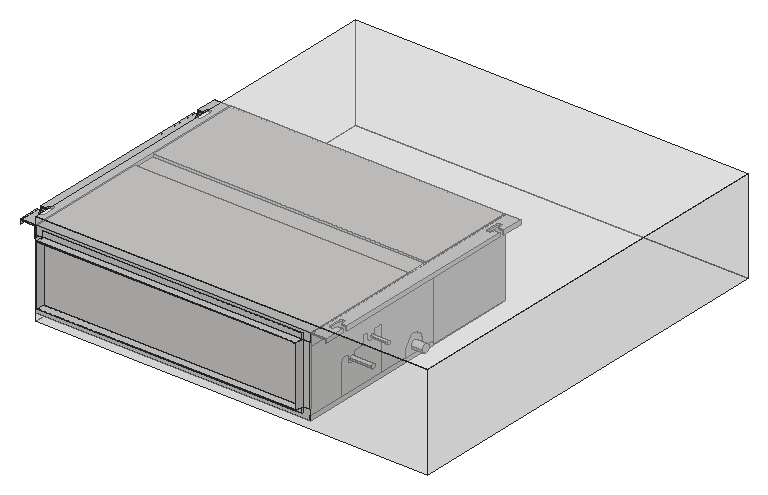
Revit family "outputfile", category 機械設備, Revit 2024
Family settings
  丸型コネクタ寸法 = 半径を使用
  パーツ タイプ = 標準
  OmniClass 番号 = 23.75.10.24.21.27.27
  OmniClass タイトル = Split System Air Conditioning Units
  作業面ベース = いいえ
  常に垂直 = はい
  ロード時にボイドで切り取り = いいえ
  注釈の向きを維持 = いいえ
  共有 = いいえ
  部屋計算ポイント = はい
Parameters (values of type "CDXP35RVMV")
  Description = ""
  書き出し IFC クラス(タイプ) = "IfcUnitaryEquipmentType"
  定義済み IFC タイプ(タイプ) = "AIRCONDITIONINGUNIT"
  Cost = 0
  Type Comments = ""
  Keynote = ""
  Type Image = (empty or 0)
  Assembly Code = ""
  switch_frequency = yes
  ld_powersupply = Depth / 2  # 310.0 mm
  製造元 = "Daikin"
  モデル = "CDXP35RVMV"
  r_Liquid Pipe Size = Liquid Pipe Size / 2  # 3.2 mm
  r_Gas Pipe Size = Gas Pipe Size / 2  # 4.75 mm
  r_Drain Pipe Size = Drain Pipe Size / 2  # 10.0 mm
  lw_powersupply = 50.0 mm  # constant formula
  lw_ductflange2 = 620.0 mm
  lw_Width = 660.0 mm
  lh_suctionflange [instance] = 100.0 mm  # constant formula
  ld_suctionflange [instance] = if(Rear Connection_Return Air, 190.0 mm, 100.0 mm)  # 190.0 mm
  connector_voltage = Voltage_50Hz  # 230 V
  connector_powerinput = if([Power Input (Cooling)] > [Power Input (Heating)], [Power Input (Cooling)], [Power Input (Heating)])  # 0.000 kW
  connector_phase = Phase_50Hz  # 1
  angle_vertical_RA [instance] = if(Rear Connection_Return Air, 90.00°, 0.00°)  # 90.00°
  angle horizontal_RA [instance] = if(Rear Connection_Return Air, 180.00°, 270.00°)  # 180.00°
  Voltage_comment_50Hz = "220 - 240"
  Voltage_50Hz = 230 V
  URL = ""
  Supply Air Direction [instance] = yes
  Sound Power Level_H speed (dB) = 0
  Rear Connection_Return Air [instance] = not(Bottom Connection_Return Air)  # yes
  RA_length [instance] = if(Rear Connection_Return Air, 190.0 mm, 100.0 mm)  # 190.0 mm
  Phase_50Hz = 1
  Minimum External Static Pressure = 0.00 Pa
  Minimum Circuit Amps_50Hz = 0.0 A
  Maximum Fuse Amps_50Hz = 0.0 A
  Maximum External Static Pressure = 30.00 Pa
  Material_Casing = DAIKIN_GalvanizedSteel_Casing_indoorunit
  lw_liquidpipe = 46.0 mm  # constant formula
  lw_gaspipe = 57.0 mm  # constant formula
  lw_mountinghole = 740.0 mm
  lw_drainpipe = 30.0 mm  # constant formula
  lh_powersupply = 150.0 mm  # constant formula
  lh_liquidpipe = 90.0 mm  # constant formula
  lh_gaspipe = 113.0 mm  # constant formula
  lh_mountinghole = Height  # 200.0 mm
  lh_drainpipe = 170.0 mm  # constant formula
  lh_antena = 1.0 mm  # constant formula
  ld_liquidpipe = 193.0 mm  # constant formula
  ld_gaspipe = 130.0 mm  # constant formula
  ld_mountinghole = 500.0 mm  # constant formula
  ld_drainpipe = 330.0 mm  # constant formula
  ld_controlbox = 626.0 mm  # constant formula
  h*** = 0.0 mm  # constant formula
  d_dischargeflange = 21.2 mm  # constant formula
  Width = 700.0 mm
  Version = "ver.1.0"
  Unit Type = "Duct (L.S.P)"
  Unit Mass Weight = 21.00 kg
  Unit Designation [instance] = ""
  Uniclass2015Version = "Products v1.30"
  Uniclass2015Title = "Split coil room air conditioning units"
  Uniclass2015Code = "Pr_70_65_03_86"
  Total Heating Capacity [instance] = 0.000 kW
  Total Cooling Capacity [instance] = 0.000 kW
  Sound Pressure Level_M speed (dBA) = 33
  Sound Pressure Level_L speed (dBA) = 31
  Sound Pressure Level_H speed (dBA) = 35
  Series = "Multi Split_Fan Coil Unit"
  Sensible Cooling Capacity [instance] = 0.000 kW
  SA Duct Size Width = 660.0 mm
  SA Duct Size Height = 153.0 mm
  Refrigerant Type = "R32"
  RA Duct Size Width = 580.0 mm
  RA Duct Size Height = 160.0 mm
  Power Input (Heating) = 0.000 kW
  Power Input (Cooling) = 0.000 kW
  Option Accessory 3 [instance] = ""
  Option Accessory 2 [instance] = ""
  Option Accessory 1 [instance] = ""
  Nominal Heating Capacity = 4.300 kW
  Nominal Cooling Capacity = 3.500 kW
  Minimum Airflow = 438.00 m³/h
  Median Airflow = 480.00 m³/h
  Maximum Airflow = 522.00 m³/h
  Load Classification = HVAC
  Liquid Pipe Size = 6.4 mm
  Link_Nested Family [instance] = ""
  IfcVersion = ""
  IfcExportType = "AIRCONDITIONINGUNIT"
  IfcExportAs = "IfcUnitaryEquipmentType"
  Height = 200.0 mm
  Heating Entering Wet Bulb Temperature [instance] = 0.00 °C
  Heating Entering Dry Bulb Temperature [instance] = 0.00 °C
  Heating Ambient Wet Bulb Temperature [instance] = 0.00 °C
  Heating Ambient Dry Bulb Temperature [instance] = 0.00 °C
  Heat Exchanger Type = "Cross Fin Coil"
  Gas Pipe Size = 9.5 mm
  Frequency_50Hz = 50 Hz
  Fan Type = "Sirocco Fan"
  Fan Drive = "Direct Drive"
  FCU Tag No. [instance] = ""
  Drain Pipe Size = 20.0 mm
  Design Supply Airflow [instance] = 0.00 m³/h
  Design Return Airflow [instance] = 0.00 m³/h
  Design External Static Pressure [instance] = 0.00 Pa
  Depth = 620.0 mm
  既定の高さ = 0.0 mm
  Cooling Entering Wet Bulb Temperature [instance] = 0.00 °C
  Cooling Entering Dry Bulb Temperature [instance] = 0.00 °C
  Cooling Ambient Wet Bulb Temperature [instance] = 0.00 °C
  Cooling Ambient Dry Bulb Temperature [instance] = 0.00 °C
  Clearance visibility [instance] = yes
  Clearance Top = 20.0 mm
  Clearance Right = 300.0 mm
  Clearance Rear = 400.0 mm
  Clearance Left = 0.0 mm
  Clearance Front = 0.0 mm
  Clearance Bottom = 20.0 mm
  Bottom Connection_Return Air [instance] = no
Reference planes
  plane 1 "Center (Front/Back)": y = 0
  plane 2: z = 0
  plane 3 "Center (Left/Right)": x = 0
  plane 4 "Back": y = 310
  plane 5 "Front": y = -310
  plane 6 "Left": x = -350
  plane 7 "Right": x = 350
  plane 8 "Top": z = 0
  plane 9 "Bottom": z = -200
  plane 10: x = -370
  plane 11: x = 370
  plane 12: y = 250
  plane 13: z = 0
  plane 14 "Clearance Left": x = -350
  plane 15 "Clearance Right": x = 650
  plane 16 "Clearance Rear": y = 710
  plane 17 "Clearance Front": y = -310
  plane 18 "Clearance Top": z = 20
  plane 19 "Clearance Bottom": z = -220
  plane 20: y = -250
  plane 21: z = -21
  plane 22: z = -97.5
  plane 23: x = -40
  plane 24: y = 120
  plane 25: z = -100
  plane 26: y = -180
  plane 27: z = -113
  plane 28: y = -117
  plane 29: z = -90
  plane 30: y = 20
  plane 31: z = -170
  plane 32: x = 407
  plane 33: x = 396
  plane 34: x = 380
  plane 35: x = 300
  plane 36: z = -150
Forms (mm)
  Extrusion 1, solid, material "DAIKIN_GalvanizedSteel_Casing_indoorunit" <- "Material_Casing"
    sketch origin (0, 0, 0) x (1, 0, 0) y (0, 1, 0)
      loop
        line (-350, -310) -> (350, -310) -> (350, 310) -> (-350, 310) -> (-350, -310)
    from -200 to 0
  Extrusion 2, void
    sketch origin (0, 0, 1) x (1, 0, 0) y (0, 1, 0)
      loop
        line (-350, 61.5) -> (-350, 3.5) -> (350, 3.5) -> (350, 61.5) -> (-350, 61.5)
    from -1 to -7
  Extrusion 3, solid, material "DAIKIN_GalvanizedSteel_Casing_indoorunit" <- "Material_Casing", visible <- "Bottom Connection_Return Air"
    sketch origin (0, 0, 0) x (1, 0, 0) y (0, 0, 1)
      loop
        line (269, -200) -> (269, -1) -> (-349, -1) -> (-349, -200) -> (269, -200)
    from -310 to -309
  Extrusion 4, solid, material "DAIKIN_GalvanizedSteel_Casing_indoorunit" <- "Material_Casing", visible <- "Rear Connection_Return Air"
    sketch origin (0, 0, 0) x (1, 0, 0) y (0, 1, 0)
      loop
        line (-349, 310) -> (-349, 111) -> (269, 111) -> (269, 310) -> (-349, 310)
    from -200 to -199
  Extrusion 5, solid, material "DAIKIN_GalvanizedSteel_Casing_indoorunit" <- "Material_Casing"
    sketch origin (350, 0, 0) x (0, 1, 0) y (0, 0, 1)
      loop
        circle (-180, -113) r 4.75
    from 0 to 57
  Extrusion 6, solid, material "DAIKIN_GalvanizedSteel_Casing_indoorunit" <- "Material_Casing"
    sketch origin (350, 0, 0) x (0, 1, 0) y (0, 0, 1)
      loop
        circle (-117, -90) r 3.2
    from 0 to 46
  Extrusion 7, solid, material "DAIKIN_GalvanizedSteel_Casing_indoorunit" <- "Material_Casing"
    sketch origin (350, 0, 0) x (0, 1, 0) y (0, 0, 1)
      loop
        circle (20, -170) r 10
    from 0 to 30
  Extrusion 8, solid, material "DAIKIN_GalvanizedSteel_Casing_indoorunit" <- "Material_Casing"
    sketch origin (350, 0, 0) x (0, 1, 0) y (0, 0, 1)
      loop
        line (-310, -200) -> (78.6, -200) -> (78.6, -193)
        arc (78.6, -193) -> (77.721, -190.879) -> (75.6, -190) r 3
        line (75.6, -190) -> (-310, -190) -> (-310, -200)
    from 0 to -1
  Extrusion 9, solid, material "DAIKIN_GalvanizedSteel_Casing_indoorunit" <- "Material_Casing"
    sketch origin (350, 0, 0) x (0, 1, 0) y (0, 0, 1)
      loop
        line (-210, -190) -> (-85.6, -190) -> (-85.6, -83)
        arc (-85.6, -83) -> (-86.479, -80.879) -> (-88.6, -80) r 3
        line (-88.6, -80) -> (-102, -80)
        arc (-102, -80) -> (-104.121, -80.879) -> (-105, -83) r 3
        line (-105, -83) -> (-105, -90)
        arc (-105, -90) -> (-117, -102) -> (-129, -90) r 12
        line (-129, -90) -> (-129, -83)
        arc (-129, -83) -> (-129.879, -80.879) -> (-132, -80) r 3
        line (-132, -80) -> (-136.1, -80)
        arc (-136.1, -80) -> (-138.221, -80.879) -> (-139.1, -83) r 3
        line (-139.1, -83) -> (-139.1, -102.7) -> (-165, -102.7)
        arc (-165, -102.7) -> (-167.121, -103.579) -> (-168, -105.7) r 3
        line (-168, -105.7) -> (-168, -113)
        arc (-168, -113) -> (-180, -125) -> (-192, -113) r 12
        line (-192, -113) -> (-192, -105.7)
        arc (-192, -105.7) -> (-192.879, -103.579) -> (-195, -102.7) r 3
        line (-195, -102.7) -> (-207, -102.7)
        arc (-207, -102.7) -> (-209.121, -103.579) -> (-210, -105.7) r 3
        line (-210, -105.7) -> (-210, -190)
    from 0 to -1
  Extrusion 10, solid, material "DAIKIN_GalvanizedSteel_Casing_indoorunit" <- "Material_Casing"
    sketch origin (350, 0, 0) x (0, 1, 0) y (0, 0, 1)
      loop
        arc (44.5, -170) -> (20, -145.5) -> (-4.5, -170) r 24.5
        line (-4.5, -170) -> (-4.5, -190) -> (44.5, -190) -> (44.5, -170)
    from 0 to -1
  Extrusion 11, solid, material "DAIKIN_GalvanizedSteel_Casing_indoorunit" <- "Material_Casing"
    sketch origin (350, 0, 0) x (0, 1, 0) y (0, 0, 1)
      loop
        arc (86.6, -22) -> (84.479, -22.879) -> (83.6, -25) r 3
        line (83.6, -25) -> (83.6, -194.5)
        arc (83.6, -194.5) -> (84.479, -196.621) -> (86.6, -197.5) r 3
        line (86.6, -197.5) -> (307, -197.5)
        arc (307, -197.5) -> (309.121, -196.621) -> (310, -194.5) r 3
        line (310, -194.5) -> (310, -25)
        arc (310, -25) -> (309.121, -22.879) -> (307, -22) r 3
        line (307, -22) -> (86.6, -22)
    from 0 to -1
Cuts and joins
  Extrusion 2 cuts Extrusion 1
Dimensions and locks
  "Height": plane 8 "Top" to plane 9 "Bottom"
  equal spacing: plane 10, plane 3 "Center (Left/Right)", plane 11
  "lw_mountinghole": plane 10 to plane 11
  equal spacing: plane 6 "Left", plane 3 "Center (Left/Right)", plane 7 "Right"
  "Width": plane 6 "Left" to plane 7 "Right"
  "Clearance Right": plane 7 "Right" to plane 15 "Clearance Right"
  "Clearance Left": plane 14 "Clearance Left" to plane 6 "Left"
  "Clearance Rear": plane 16 "Clearance Rear" to plane 4 "Back"
  "Clearance Front": plane 5 "Front" to plane 17 "Clearance Front"
  "Clearance Top": plane 18 "Clearance Top" to plane 8 "Top"
  "Clearance Bottom": plane 9 "Bottom" to plane 19 "Clearance Bottom"
  "Depth": plane 4 "Back" to plane 5 "Front"
  equal spacing: plane 4 "Back", plane 1 "Center (Front/Back)", plane 5 "Front"
  Extrusion 3 sketch curve to Extrusion 3 sketch curve = 199.0 mm
  locked: plane 20 to plane 5 "Front" at 60
  "ld_mountinghole": plane 12 to plane 20
  locked: plane 8 "Top" to plane 21 at 21
  locked: plane 23 to plane 3 "Center (Left/Right)" at 40
  "ld_suctionflange": plane 4 "Back" to plane 24
  "lh_suctionflange": plane 8 "Top" to plane 25
  "ld_gaspipe": plane 26 to plane 5 "Front"
  "lh_gaspipe": plane 8 "Top" to plane 27
  "ld_liquidpipe": plane 28 to plane 5 "Front"
  "lh_liquidpipe": plane 8 "Top" to plane 29
  "ld_drainpipe": plane 30 to plane 5 "Front"
  "lh_drainpipe": plane 8 "Top" to plane 31
  "lw_gaspipe": plane 7 "Right" to plane 32
  "lw_liquidpipe": plane 7 "Right" to plane 33
  "lw_drainpipe": plane 7 "Right" to plane 34
  "lw_powersupply": plane 35 to plane 7 "Right"
  "lh_powersupply": plane 8 "Top" to plane 36
  "r_Gas Pipe Size": radius of Extrusion 5 sketch curve
  "r_Liquid Pipe Size": radius of Extrusion 6 sketch curve
  "r_Drain Pipe Size": radius of Extrusion 7 sketch curve
  aligned and locked: level to plane 2
  aligned and locked: Extrusion 1 to plane 9 "Bottom"
  aligned and locked: plane 8 "Top" to Extrusion 1
  aligned and locked: plane 11 to nested 2
  aligned and locked: plane 10 to nested 3
  aligned and locked: plane 10 to nested 4
  aligned and locked: plane 8 "Top" to Extrusion 2
  aligned and locked: plane 9 "Bottom" to Extrusion 4  (x2)
  aligned and locked: plane 7 "Right" to cut or joined group of Extrusion 1, Extrusion 2  (x2)
  aligned and locked: plane 3 "Center (Left/Right)" to nested 9
  aligned and locked: plane 6 "Left" to nested 7
  aligned and locked: plane 8 "Top" to nested 9
  aligned and locked: plane 11 to nested 1
  aligned and locked: nested 6 to plane 1 "Center (Front/Back)"
  aligned and locked: plane 3 "Center (Left/Right)" to nested 6
  aligned and locked: level to plane 8 "Top"
  aligned and locked: plane 1 "Center (Front/Back)" to nested 9
  aligned and locked: plane 5 "Front" to nested 10
  aligned and locked: Extrusion 1 sketch curve to plane 5 "Front"
  aligned and locked: plane 21 to nested 10
  aligned and locked: nested 5 to plane 5 "Front"
  aligned and locked: plane 3 "Center (Left/Right)" to nested 5
  aligned and locked: plane 22 to nested 5
  aligned and locked: Extrusion 2 sketch curve to plane 6 "Left"
  aligned and locked: plane 7 "Right" to Extrusion 2 sketch curve
  aligned and locked: nested 11 to plane 23
  aligned and locked: nested 11 to plane 24
  aligned and locked: plane 27 to Extrusion 5 sketch curve
  aligned and locked: plane 26 to Extrusion 5 sketch curve
  aligned and locked: plane 28 to Extrusion 6 sketch curve
  aligned and locked: plane 29 to Extrusion 6 sketch curve
  aligned and locked: plane 31 to Extrusion 7 sketch curve
  aligned and locked: plane 30 to Extrusion 7 sketch curve
  aligned and locked: plane 26 to nested 12
  aligned and locked: nested 12 to plane 27
  aligned and locked: plane 32 to Extrusion 5
  aligned and locked: plane 32 to nested 12
  aligned and locked: plane 33 to Extrusion 6
  aligned and locked: plane 28 to nested 13
  aligned and locked: nested 13 to plane 29
  aligned and locked: plane 33 to nested 13
  aligned and locked: plane 34 to Extrusion 7
  aligned and locked: plane 30 to nested 14
  aligned and locked: nested 14 to plane 31
  aligned and locked: plane 34 to nested 14
  aligned and locked: Extrusion 8 sketch curve to plane 9 "Bottom"
  aligned and locked: Extrusion 8 sketch curve to plane 5 "Front"
  aligned and locked: plane 14 "Clearance Left" to nested 15
  aligned and locked: plane 15 "Clearance Right" to nested 15
  aligned and locked: plane 16 "Clearance Rear" to nested 15
  aligned and locked: nested 15 to plane 17 "Clearance Front"
  aligned and locked: nested 15 to plane 18 "Clearance Top"
  aligned and locked: nested 15 to plane 19 "Clearance Bottom"
  aligned and locked: nested 16 to plane 35
  aligned and locked: nested 16 to plane 36
  aligned and locked: plane 4 "Back" to nested 16
Automatic sketch dimensions
  Extrusion 1 sketch curve to plane 4 "Back" = 0.0 mm
  Extrusion 1 sketch curve to plane 6 "Left" = 0.0 mm
  Extrusion 1 sketch curve to plane 7 "Right" = 0.0 mm
  Extrusion 4 sketch curve to plane 4 "Back" = 0.0 mm
  plane 6 "Left" to Extrusion 3 sketch curve = 1.0 mm
  plane 6 "Left" to Extrusion 4 sketch curve = 1.0 mm
  Extrusion 4 sketch curve to plane 1 "Center (Front/Back)" = 111.0 mm
  Extrusion 3 sketch curve to plane 9 "Bottom" = 0.0 mm
  Extrusion 3 sketch curve to plane 7 "Right" = 81.0 mm
  Extrusion 4 sketch curve to plane 7 "Right" = 81.0 mm
  Extrusion 2 sketch curve to plane 1 "Center (Front/Back)" = 3.5 mm
  Extrusion 2 sketch curve to Extrusion 2 sketch curve = 58.0 mm
  plane 9 "Bottom" to Extrusion 8 sketch curve = 7.0 mm
  Extrusion 8 sketch curve to plane 24 = 44.4 mm
  Extrusion 8 sketch curve to Extrusion 8 sketch curve = 3.0 mm
  Extrusion 9 sketch curve to plane 27 = 0.0 mm
  Extrusion 9 sketch curve to plane 26 = 0.0 mm
  Extrusion 9 sketch curve to plane 29 = 0.0 mm
  Extrusion 9 sketch curve to plane 28 = 0.0 mm
  Extrusion 9 sketch curve to plane 26 = 12.0 mm
  Extrusion 9 sketch curve to plane 25 = 2.7 mm  (x2)
  Extrusion 9 sketch curve to Extrusion 9 sketch curve = 3.0 mm  (x6)
  Extrusion 9 sketch curve to Extrusion 9 sketch curve = 12.0 mm
  plane 9 "Bottom" to Extrusion 9 sketch curve = 10.0 mm
  Extrusion 9 sketch curve to plane 26 = 30.0 mm
  Extrusion 9 sketch curve to plane 28 = 22.1 mm
  Extrusion 9 sketch curve to Extrusion 9 sketch curve = 4.1 mm
  plane 29 to Extrusion 9 sketch curve = 7.0 mm  (x2)
  Extrusion 9 sketch curve to Extrusion 9 sketch curve = 13.4 mm
  Extrusion 10 sketch curve to plane 30 = 0.0 mm
  Extrusion 10 sketch curve to plane 31 = 0.0 mm
  plane 1 "Center (Front/Back)" to Extrusion 10 sketch curve = 4.5 mm
  plane 9 "Bottom" to Extrusion 10 sketch curve = 10.0 mm
  Extrusion 11 sketch curve to plane 4 "Back" = 0.0 mm
  Extrusion 11 sketch curve to Extrusion 11 sketch curve = 3.0 mm  (x3)
  Extrusion 11 sketch curve to plane 21 = 1.0 mm
  Extrusion 11 sketch curve to plane 21 = 4.0 mm
  Extrusion 11 sketch curve to plane 24 = 33.4 mm
  plane 9 "Bottom" to Extrusion 11 sketch curve = 5.5 mm
Nested families
  nested 1: "daikin_mountinghole" at (370, 250, -200), l_antenna <- "lh_antena", Link_Nested Family <- "Link_Nested Family", h_mountinghole <- "lh_mountinghole", type "daikin_mountinghole"
    with show yes, l_antenna 1.0 mm, h_mountinghole 200.0 mm, Link_Nested Family ""
  nested 2: "daikin_mountinghole" at (370, -250, -200), Link_Nested Family <- "Link_Nested Family", l_antenna <- "lh_antena", h_mountinghole <- "lh_mountinghole", type "daikin_mountinghole"
    with show yes, l_antenna 1.0 mm, h_mountinghole 200.0 mm, Link_Nested Family ""
  nested 3: "daikin_mountinghole" at (-370, -250, -200), l_antenna <- "lh_antena", Link_Nested Family <- "Link_Nested Family", h_mountinghole <- "lh_mountinghole", type "daikin_mountinghole"
    with show yes, l_antenna 1.0 mm, h_mountinghole 200.0 mm, Link_Nested Family ""
  nested 4: "daikin_mountinghole" at (-370, 250, -200), l_antenna <- "lh_antena", Link_Nested Family <- "Link_Nested Family", h_mountinghole <- "lh_mountinghole", type "daikin_mountinghole"
    with show yes, l_antenna 1.0 mm, h_mountinghole 200.0 mm, Link_Nested Family ""
  nested 5: "daikin_connector_rotate2" at (0, -310, -97.5), length <- "d_dischargeflange", type "daikin_connector_rotate2"
    with radius 10.0 mm, length 21.2 mm, angle_vertical 90.00°, show_face no
  nested 6: "daikin_△_symbolicline" at (-75, -129.904, 200) x (-0.5, 0.866, 0) z (0, 0, 1), built-in parameter 1001364 <- "Height", visible <- "Supply Air Direction", type "daikin_△_symbolicline"
    with length 300.0 mm
  nested 7: "daikin_ductflange_CDXP-RVMV_1" at (-40, 310, -100), visible <- "Rear Connection_Return Air", material <- "Material_Casing", width <- "lw_ductflange2", type "daikin_ductflange_CDXP-RVMV_1"
    with width 620.0 mm, material DAIKIN_GalvanizedSteel_Casing_indoorunit, height 180.0 mm, depth 21.2 mm
  nested 8: "daikin_ductflange_CDXP-RVMV_1" at (-40, 210, -200) x (1, 0, 0) z (0, 1, 0), visible <- "Bottom Connection_Return Air", material <- "Material_Casing", width <- "lw_ductflange2", type "daikin_ductflange_CDXP-RVMV_1"
    with width 620.0 mm, material DAIKIN_GalvanizedSteel_Casing_indoorunit, height 180.0 mm, depth 21.2 mm
  nested 9: "daikin_hangerfixture_CDXP-RVMV" at (0, 0, 0), type "daikin_hangerfixture_CDXP-RVMV"
  nested 10: "daikin_ductflange_CDXP-RVMV" at (0, 3.5, -364.201), width <- "lw_Width", material <- "Material_Casing", type "daikin_ductflange_CDXP-RVMV"
    with width 660.0 mm, material DAIKIN_GalvanizedSteel_Casing_indoorunit, height 155.0 mm, depth 21.2 mm
  nested 11: "daikin_connector_rotate3" at (-40, 120, -100), length <- "RA_length", angle_vertical <- "angle_vertical_RA", angle_horizontal <- "angle horizontal_RA", type "daikin_connector_rotate3"
    with show no, radius 10.0 mm, length 190.0 mm, angle_vertical 90.00°, angle_horizontal 180.00°
  nested 12: "daikin_connector_rotate2" at (350, -180, -113) x (0, 1, 0) z (0, 0, 1), length <- "lw_gaspipe", radius <- "r_Gas Pipe Size", type "daikin_connector_rotate2"
    with radius 4.75 mm, length 57.0 mm, angle_vertical 90.00°, show_face no
  nested 13: "daikin_connector_rotate2" at (350, -117, -90) x (0, 1, 0) z (0, 0, 1), radius <- "r_Liquid Pipe Size", length <- "lw_liquidpipe", type "daikin_connector_rotate2"
    with radius 3.2 mm, length 46.0 mm, angle_vertical 90.00°, show_face no
  nested 14: "daikin_connector_rotate2" at (350, 20, -170) x (0, 1, 0) z (0, 0, 1), radius <- "r_Drain Pipe Size", length <- "lw_drainpipe", type "daikin_connector_rotate2"
    with radius 10.0 mm, length 30.0 mm, angle_vertical 90.00°, show_face no
  nested 15: "daikin_clearancespace" at (150, 200, -99.881), visible <- "Clearance visibility", Link_Nested Family <- "Link_Nested Family", show <- "Clearance visibility", type "daikin_clearancespace"
    with width 1000.0 mm, show yes, height 240.0 mm, depth 1020.0 mm, Link_Nested Family ""
  nested 16: "daikin_connector_rotate2" at (300, 0, -150) x (-1, 0, 0) z (0, 0, 1), length <- "ld_powersupply", type "daikin_connector_rotate2"
    with radius 10.0 mm, length 310.0 mm, angle_vertical 90.00°, show_face no
Connectors
  hvac at (0, -331.2, -97.5), driven by "SA Duct Size Height", driven by "SA Duct Size Width"
    settings: on nested 5, index 1, duct flow 0.00 m³/h, flow factor 0, pres drop 0.00 Pa, loss coef 0, conn angle 0.00°, conn width 660.0 mm, conn height 153.0 mm, conn diameter 609.6 mm, duct sys type 1, conn prof type 1, flow config 0, flow direction 2, loss method 4, conn ref index -1, conn util no, is conn primary yes, conn desc "SA Duct"
  hvac at (-40, 310, -100), driven by "RA Duct Size Height", driven by "RA Duct Size Width"
    settings: on nested 11, index 2, duct flow 0.00 m³/h, flow factor 0, pres drop 0.00 Pa, loss coef 0, conn angle 0.00°, conn width 580.0 mm, conn height 160.0 mm, conn diameter 609.6 mm, duct sys type 2, conn prof type 1, flow config 0, flow direction 1, loss method 4, conn ref index -1, conn util no, is conn primary no, conn desc "RA Duct"
  piping at (407, -180, -113), diameter 9.5, driven by "r_Gas Pipe Size"
    settings: on nested 12, index 3, connector inside diameter 609.6 mm, connector length 0.0 mm, flow factor 0, pipe flow 0.00 m³/h, pressure drop 0.0 Pa, fitting loss kfactor 0, connector angle 0.00°, fixture units 0, engagement length 0.0 mm, angle of deflection 0.00°, flow configuration 1, flow direction 2, fitting loss method 0, system type 29, joint type 0, gender type 0, connector reference index -1, connector utility 0, adjustable connector no, is connector primary yes, connector description "Refrigerant Gas Piping"
  piping at (396, -117, -90), diameter 6.4, driven by "r_Liquid Pipe Size"
    settings: on nested 13, index 4, connector inside diameter 609.6 mm, connector length 0.0 mm, flow factor 0, pipe flow 0.00 m³/h, pressure drop 0.0 Pa, fitting loss kfactor 0, connector angle 0.00°, fixture units 0, engagement length 0.0 mm, angle of deflection 0.00°, flow configuration 1, flow direction 1, fitting loss method 0, system type 29, joint type 0, gender type 0, connector reference index -1, connector utility 0, adjustable connector no, is connector primary no, connector description "Refrigerant Liquid Piping"
  piping at (380, 20, -170), diameter 20, driven by "r_Drain Pipe Size"
    settings: on nested 14, index 5, connector inside diameter 609.6 mm, connector length 0.0 mm, flow factor 0, pipe flow 0.00 m³/h, pressure drop 0.0 Pa, fitting loss kfactor 0, connector angle 0.00°, fixture units 0, engagement length 0.0 mm, angle of deflection 0.00°, flow configuration 1, flow direction 2, fitting loss method 4, system type 16, joint type 0, gender type 0, connector reference index -1, connector utility 0, adjustable connector no, is connector primary no, connector description "Condensate Drain Piping"
  electrical at (300, 310, -150), driven by "Load Classification", driven by "connector_voltage", driven by "connector_powerinput", driven by "connector_phase"
    settings: on nested 16, index 6, voltage 230 V, apparent load 0 VA, apparent load phase1 0 VA, apparent load phase2 0 VA, apparent load phase3 0 VA, power factor 1, load classification "HVAC", number of poles 1, system type 30, power factor state 1, is connector primary yes, connector utility no, sub classification motor no, connector description "Power Supply"
Definition of nested family "daikin_ductflange_CDXP-RVMV_1"
  Parameters (values of type "daikin_ductflange_CDXP-RVMV_1")
    width [instance] = 620.0 mm
    material [instance] = none
    height [instance] = 180.0 mm
    depth [instance] = 21.2 mm
    Default Elevation = 0.0 mm
  Reference planes
    plane 1 "Center (Front/Back)": y = 0
    plane 2: z = 0
    plane 3 "Center (Left/Right)": x = 0
    plane 4: x = -310
    plane 5: x = 310
    plane 6: z = 90
    plane 7: z = -90
    plane 8: z = 100
    plane 9: z = -100
    plane 10: x = -309
    plane 11: x = 309
  Forms (mm)
    Extrusion 1, solid, material <- "material"
      sketch origin (0, 0, 0) x (1, 0, 0) y (0, 0, 1)
        loop
          line (-290, 80) -> (-290, -80) -> (290, -80) -> (290, 80) -> (-290, 80)
        loop
          line (-309, -99) -> (309, -99) -> (309, 99) -> (-309, 99) -> (-309, -99)
      from 0 to 1
  Dimensions and locks
    equal spacing: plane 5, plane 3 "Center (Left/Right)", plane 4, locked at 310 each
    "width": plane 5 to plane 4
    equal spacing: plane 6, level, plane 7, locked at 90 each
    "height": plane 6 to plane 7
    equal spacing: plane 8, level, plane 9, locked at 100 each
    locked: plane 8 to plane 9 at 200
    plane 10 to plane 4 = 1.0 mm
    locked: plane 5 to plane 11 at 1
    locked: Extrusion 1 sketch curve to Extrusion 1 sketch curve at 19  (x4)
    plane 8 to Extrusion 1 sketch curve = 1.0 mm
    locked: Extrusion 1 sketch curve to plane 9 at 1
    aligned and locked: level to plane 2
  Automatic sketch dimensions
    plane 4 to Extrusion 1 sketch curve = 1.0 mm
    Extrusion 1 sketch curve to plane 5 = 1.0 mm
Definition of nested family "daikin_hangerfixture_CDXP-RVMV"
  Parameters (values of type "daikin_hangerfixture_CDKS-EAVMA")
    width = 700.0 mm
    material = none
    height = 30.0 mm
    depth = 618.0 mm
    Default Elevation = 0.0 mm
  Reference planes
    plane 1 "Center (Front/Back)": y = 0
    plane 2: z = 0
    plane 3 "Center (Left/Right)": x = 0
    plane 4: x = 350
    plane 5: y = 309
    plane 6: y = -309
    plane 7: x = -350
    plane 8: z = -30
  Forms (mm)
    Extrusion 1, solid, material <- "material"
      sketch origin (0, 0, 0) x (1, 0, 0) y (0, 0, 1)
        loop
          line (350, 0) -> (350, -30) -> (352.3, -30) -> (352.3, -2.3) -> (387.7, -2.3) -> (387.7, -10) -> (390, -10) -> (390, 0) -> (350, 0)
      from -309 to 309
    Extrusion 2, void
      sketch origin (0, 0, 0) x (0, 1, 0) y (0, 0, 1)
        loop
          line (309, -30) -> (309, -17.979) -> (87.935, -17.979) -> (75.914, -30) -> (309, -30)
      from 0 to 450
    Extrusion 3, void
      sketch origin (0, 0, 0) x (1, 0, 0) y (0, 1, 0)
        loop
          line (390, -243.5) -> (377, -243.5) -> (377, -237)
          arc (377, -237) -> (370, -230) -> (363, -237) r 7
          line (363, -237) -> (363, -263)
          arc (363, -263) -> (370, -270) -> (377, -263) r 7
          line (377, -263) -> (377, -256.5) -> (390, -256.5) -> (390, -243.5)
        loop
          line (390, 243.5) -> (390, 256.5) -> (377, 256.5) -> (377, 263)
          arc (377, 263) -> (370, 270) -> (363, 263) r 7
          line (363, 263) -> (363, 237)
          arc (363, 237) -> (370, 230) -> (377, 237) r 7
          line (377, 237) -> (377, 243.5) -> (390, 243.5)
      from -254.96 to 618
    Extrusion 4, solid, material <- "material"
      sketch origin (0, 0, 0) x (-1, 0, 0) y (0, 0, -1)
        loop
          line (350, 0) -> (390, 0) -> (390, 10) -> (387.7, 10) -> (387.7, 2.3) -> (352.3, 2.3) -> (352.3, 30) -> (350, 30) -> (350, 0)
      from -309 to 309
    Extrusion 5, void
      sketch origin (0, 0, 0) x (-1, 0, 0) y (0, -1, 0)
        loop
          line (390, 243.5) -> (390, 256.5) -> (377, 256.5) -> (377, 263)
          arc (377, 263) -> (370, 270) -> (363, 263) r 7
          line (363, 263) -> (363, 237)
          arc (363, 237) -> (370, 230) -> (377, 237) r 7
          line (377, 237) -> (377, 243.5) -> (390, 243.5)
        loop
          line (390, -243.5) -> (377, -243.5) -> (377, -237)
          arc (377, -237) -> (370, -230) -> (363, -237) r 7
          line (363, -237) -> (363, -263)
          arc (363, -263) -> (370, -270) -> (377, -263) r 7
          line (377, -263) -> (377, -256.5) -> (390, -256.5) -> (390, -243.5)
      from -254.96 to 618
  Cuts and joins
    Extrusion 2, Extrusion 3, Extrusion 5 cuts Extrusion 1
    Extrusion 5 cuts Extrusion 4
  Dimensions and locks
    equal spacing: plane 5, plane 1 "Center (Front/Back)", plane 6
    "depth": plane 5 to plane 6
    plane 6 to plane 1 "Center (Front/Back)" to plane 5 = 309.0 mm, 309.0 mm
    equal spacing: plane 4, plane 3 "Center (Left/Right)", plane 7
    "width": plane 4 to plane 7
    "height": level to plane 8
    aligned and locked: level to plane 2
    aligned and locked: plane 5 to Extrusion 1
    aligned and locked: Extrusion 1 to plane 6
    aligned and locked: Extrusion 1 to plane 4
    aligned and locked: plane 5 to cut or joined group of Extrusion 1, Extrusion 2, Extrusion 3, Extrusion 5
    aligned and locked: cut or joined group of Extrusion 1, Extrusion 2, Extrusion 3, Extrusion 5 to plane 6
    aligned and locked: level to cut or joined group of Extrusion 1, Extrusion 2, Extrusion 3, Extrusion 5
    aligned and locked: cut or joined group of Extrusion 1, Extrusion 2, Extrusion 3, Extrusion 5 to plane 8
    aligned and locked: plane 5 to cut or joined group of Extrusion 4, Extrusion 5
    aligned and locked: cut or joined group of Extrusion 4, Extrusion 5 to plane 6
  Automatic sketch dimensions
    Extrusion 1 sketch curve to plane 4 = 0.0 mm
    Extrusion 1 sketch curve to plane 8 = 0.0 mm
    Extrusion 1 sketch curve to level = 0.0 mm
    plane 4 to Extrusion 1 sketch curve = 2.3 mm
    Extrusion 1 sketch curve to level = 2.3 mm
    Extrusion 1 sketch curve to Extrusion 1 sketch curve = 35.4 mm
    Extrusion 1 sketch curve to Extrusion 1 sketch curve = 2.3 mm
    Extrusion 1 sketch curve to Extrusion 1 sketch curve = 7.7 mm
    Extrusion 2 sketch curve to plane 8 = 0.0 mm
    Extrusion 2 sketch curve to plane 5 = 0.0 mm
    plane 8 to Extrusion 2 sketch curve = 12.021 mm
    Extrusion 2 sketch curve to plane 1 "Center (Front/Back)" = 87.935 mm
    Extrusion 2 sketch curve to Extrusion 2 sketch curve = 12.021 mm
    plane 4 to Extrusion 3 sketch curve = 13.0 mm  (x2)
    Extrusion 3 sketch curve to Extrusion 3 sketch curve = 7.0 mm  (x4)
    Extrusion 3 sketch curve to Extrusion 3 sketch curve = 13.0 mm  (x4)
    plane 6 to Extrusion 3 sketch curve = 46.0 mm
    Extrusion 3 sketch curve to Extrusion 3 sketch curve = 6.5 mm  (x4)
    Extrusion 3 sketch curve to plane 5 = 72.0 mm
    Extrusion 4 sketch curve to plane 7 = 0.0 mm
    Extrusion 4 sketch curve to plane 8 = 0.0 mm
    Extrusion 4 sketch curve to level = 0.0 mm
    Extrusion 4 sketch curve to plane 7 = 2.3 mm
    Extrusion 4 sketch curve to level = 2.3 mm
    Extrusion 4 sketch curve to Extrusion 4 sketch curve = 35.4 mm
    Extrusion 4 sketch curve to Extrusion 4 sketch curve = 2.3 mm
    Extrusion 4 sketch curve to Extrusion 4 sketch curve = 7.7 mm
    Extrusion 5 sketch curve to plane 7 = 13.0 mm  (x2)
    Extrusion 5 sketch curve to Extrusion 5 sketch curve = 7.0 mm  (x4)
    Extrusion 5 sketch curve to Extrusion 5 sketch curve = 13.0 mm  (x4)
    Extrusion 5 sketch curve to plane 5 = 46.0 mm
    Extrusion 5 sketch curve to Extrusion 5 sketch curve = 6.5 mm  (x4)
    plane 6 to Extrusion 5 sketch curve = 72.0 mm
Definition of nested family "daikin_ductflange_CDXP-RVMV"
  Parameters (values of type "daikin_ductflange_FXDQ-NDVET")
    width [instance] = 660.0 mm
    material [instance] = none
    height [instance] = 155.0 mm
    depth [instance] = 21.2 mm
    Default Elevation = 0.0 mm
  Reference planes
    plane 1 "Center (Front/Back)": y = 0
    plane 2: z = 189.201
    plane 3 "Center (Left/Right)": x = 0
    plane 4: y = -313.5
    plane 5: x = -330
    plane 6: x = 330
    plane 7: y = -334.7
    plane 8: z = 344.201
    plane 9: z = 266.701
    plane 10: z = 343.201
    plane 11: z = 190.201
  Forms (mm)
    Extrusion 1, solid, material <- "material"
      sketch origin (0, 0, 189.201) x (1, 0, 0) y (0, 1, 0)
        loop
          line (-330, -334.7) -> (-330, -313.5) -> (-350, -313.5) -> (-350, -314.5) -> (-331, -314.5) -> (-331, -334.7) -> (-330, -334.7)
        loop
          line (330, -334.7) -> (331, -334.7) -> (331, -314.5) -> (350, -314.5) -> (350, -313.5) -> (330, -313.5) -> (330, -334.7)
      from 1 to 154
    Extrusion 2, solid, material <- "material"
      sketch origin (0, 0, 0) x (0, 1, 0) y (0, 0, 1)
        loop
          line (-313.5, 343.201) -> (-313.5, 358.201) -> (-314.5, 358.201) -> (-314.5, 344.201) -> (-334.7, 344.201) -> (-334.7, 343.201) -> (-313.5, 343.201)
        loop
          line (-313.5, 190.201) -> (-334.7, 190.201) -> (-334.7, 189.201) -> (-314.5, 189.201) -> (-314.5, 175.201) -> (-313.5, 175.201) -> (-313.5, 190.201)
      from -330 to 330
  Dimensions and locks
    plane 4 to plane 1 "Center (Front/Back)" = 313.5 mm
    "depth": plane 7 to plane 4
    equal spacing: plane 8, plane 9, level
    "height": plane 8 to level
    equal spacing: plane 6, plane 3 "Center (Left/Right)", plane 5
    "width": plane 6 to plane 5
    locked: plane 8 to plane 10 at 1
    locked: plane 11 to level at 1
    locked: Extrusion 1 to Extrusion 2 sketch curve at 1
    locked: Extrusion 2 sketch curve to Extrusion 1 at 1
    plane 10 to plane 11 = 153.0 mm
    aligned and locked: level to plane 2
    aligned and locked: Extrusion 2 to plane 5
    aligned and locked: Extrusion 2 to plane 11
    aligned and locked: Extrusion 2 to plane 10
    aligned and locked: plane 6 to Extrusion 2
    aligned and locked: plane 5 to Extrusion 2  (x2)
    aligned and locked: plane 5 to Extrusion 1  (x2)
    aligned and locked: Extrusion 1 to plane 6
    aligned and locked: plane 6 to Extrusion 1
    aligned and locked: Extrusion 1 to plane 10
  Automatic sketch dimensions
    Extrusion 2 sketch curve to plane 7 = 0.0 mm  (x2)
    Extrusion 2 sketch curve to plane 4 = 0.0 mm  (x2)
    Extrusion 2 sketch curve to plane 11 = 0.0 mm
    Extrusion 2 sketch curve to plane 10 = 0.0 mm
    Extrusion 2 sketch curve to plane 4 = 1.0 mm  (x2)
    Extrusion 2 sketch curve to level = 14.0 mm
    plane 8 to Extrusion 2 sketch curve = 14.0 mm
    Extrusion 1 sketch curve to plane 4 = 0.0 mm  (x2)
    Extrusion 1 sketch curve to plane 7 = 0.0 mm  (x2)
    Extrusion 1 sketch curve to plane 5 = 0.0 mm
    Extrusion 1 sketch curve to plane 6 = 0.0 mm
    Extrusion 1 sketch curve to plane 5 = 1.0 mm
    Extrusion 1 sketch curve to Extrusion 1 sketch curve = 19.0 mm  (x2)
    Extrusion 1 sketch curve to Extrusion 1 sketch curve = 1.0 mm
    Extrusion 1 sketch curve to plane 4 = 1.0 mm  (x2)
Definition of nested family "daikin_clearancespace"
  Parameters (values of type "daikin_clearancespace")
    Description = "daikin_clearancespace"
    width [instance] = 1823.963 mm
    show [instance] = yes
    material = none
    height [instance] = 1359.762 mm
    depth [instance] = 880.0 mm
    Default Elevation = 0.0 mm
    Link_Nested Family [instance] = ""
  Reference planes
    plane 1 "Center (Front/Back)": y = 0
    plane 2 "Center (Elevation)": z = -0.119
    plane 3 "Center (Left/Right)": x = 0
    plane 4: y = 440
    plane 5: y = -440
    plane 6 "Right": x = 911.982
    plane 7 "Left": x = -911.982
    plane 8 "Top": z = 679.762
    plane 9 "Bottom": z = -680
  Forms (mm)
    Extrusion 1, solid, material <- "material", visible <- "show"
      sketch origin (0, 0, 0) x (1, 0, 0) y (0, 1, 0)
        loop
          line (-911.982, 440) -> (-911.982, -440) -> (911.982, -440) -> (911.982, 440) -> (-911.982, 440)
      from -680 to 679.762
  Lines and regions (mm)
    symbolic lines, visible <- "show"
      curve 1: line (911.982, 440, 0) -> (-911.982, 440, 0)
      curve 2: line (-911.982, 440, 0) -> (-911.982, -440, 0)
      curve 3: line (-911.982, -440, 0) -> (911.982, -440, 0)
      curve 4: line (911.982, -440, 0) -> (911.982, 440, 0)
      curve 5: line (911.982, 0, 679.762) -> (-911.982, 0, 679.762)
      curve 6: line (911.982, 0, -680) -> (911.982, 0, 679.762)
      curve 7: line (-911.982, 0, -680) -> (911.982, 0, -680)
      curve 8: line (-911.982, 0, 679.762) -> (-911.982, 0, -680)
      curve 9: line (0, 440, 679.762) -> (0, -440, 679.762)
      curve 10: line (0, -440, 679.762) -> (0, -440, -680)
      curve 11: line (0, 440, -680) -> (0, 440, 679.762)
      curve 12: line (0, -440, -680) -> (0, 440, -680)
  Dimensions and locks
    "width": plane 7 "Left" to plane 6 "Right"
    "depth": plane 4 to plane 5
    "height": plane 8 "Top" to plane 9 "Bottom"
    equal spacing: plane 7 "Left", plane 3 "Center (Left/Right)", plane 6 "Right"
    equal spacing: plane 4, plane 1 "Center (Front/Back)", plane 5
    equal spacing: plane 8 "Top", plane 2 "Center (Elevation)", plane 9 "Bottom"
    aligned and locked: level to plane 2 "Center (Elevation)"
    aligned and locked: Extrusion 1 sketch curve to plane 4
    aligned and locked: plane 7 "Left" to Extrusion 1 sketch curve
    aligned and locked: Extrusion 1 sketch curve to plane 5
    aligned and locked: Extrusion 1 sketch curve to plane 6 "Right"
    aligned and locked: plane 8 "Top" to Extrusion 1
    aligned and locked: curve 1 to Extrusion 1
    aligned and locked: curve 2 to Extrusion 1
    aligned and locked: curve 3 to Extrusion 1
    aligned and locked: curve 4 to Extrusion 1
    aligned and locked: curve 5 to Extrusion 1
    aligned and locked: curve 6 to Extrusion 1
    aligned and locked: curve 7 to Extrusion 1
    aligned and locked: curve 8 to Extrusion 1
    aligned and locked: curve 9 to Extrusion 1
    aligned and locked: curve 10 to Extrusion 1
    aligned and locked: curve 11 to Extrusion 1
    aligned and locked: curve 12 to Extrusion 1
    aligned and locked: Extrusion 1 to plane 9 "Bottom"
Definition of nested family "daikin_mountinghole"
  Parameters (values of type "daikin_mountinghole")
    Default Elevation = 1219.2 mm
    Type Comments = "mountinghole"
    show [instance] = yes
    material = none
    l_centerline = 100.0 mm
    l_antenna [instance] = 100.0 mm
    h_mountinghole [instance] = 0.0 mm
    d_circle = 30.0 mm
    Link_Nested Family [instance] = ""
  Reference planes
    plane 1 "Center (Front/Back)": y = 0
    plane 2: z = 0
    plane 3 "Center (Left/Right)": x = 0
    plane 4: y = 50
    plane 5: x = -50
    plane 6: x = 50
    plane 7: y = -50
    plane 8 "h_mountinghole": z = 0
    plane 9: z = 100
  Lines and regions (mm)
    model lines, detail levels fine
      curve 1: circle (0, 0, 0) r 15 normal (0, 0, 1)
      curve 2: line (-50, 0, 0) -> (50, 0, 0)
      curve 3: line (0, 50, 0) -> (0, -50, 0)
    symbolic lines, detail levels fine
      curve 4: circle (0, 0, 0) r 15 normal (0, 0, 1)
      curve 5: line (-50, 0, 0) -> (50, 0, 0)
      curve 6: line (0, 50, 0) -> (0, -50, 0)
    model lines
      curve 7: line (0, 0, 100) -> (0, 0, 0)
  Dimensions and locks
    equal spacing: plane 4, plane 1 "Center (Front/Back)", plane 7
    "l_centerline": plane 4 to plane 7
    equal spacing: plane 5, plane 3 "Center (Left/Right)", plane 6
    "l_centerline": plane 5 to plane 6
    "l_antenna": plane 9 to plane 8 "h_mountinghole"
    "h_mountinghole": plane 8 "h_mountinghole" to plane 2
    "d_circle": diameter of curve 1
    "d_circle": diameter of curve 4
    aligned and locked: level to plane 2
    aligned and locked: plane 1 "Center (Front/Back)" to curve 1
    aligned and locked: plane 3 "Center (Left/Right)" to curve 1
    aligned and locked: plane 1 "Center (Front/Back)" to curve 2
    aligned and locked: curve 3 to plane 3 "Center (Left/Right)"
    aligned and locked: plane 6 to curve 2
    aligned and locked: plane 5 to curve 2
    aligned and locked: plane 4 to curve 3
    aligned and locked: plane 7 to curve 3
    aligned and locked: plane 1 "Center (Front/Back)" to curve 4
    aligned and locked: plane 3 "Center (Left/Right)" to curve 4
    aligned and locked: plane 6 to curve 5
    aligned and locked: plane 5 to curve 5
    aligned and locked: plane 1 "Center (Front/Back)" to curve 5
    aligned and locked: plane 4 to curve 6
    aligned and locked: plane 7 to curve 6
    aligned and locked: curve 6 to plane 3 "Center (Left/Right)"
    aligned and locked: curve 7 to plane 3 "Center (Left/Right)"
    aligned and locked: plane 9 to curve 7
    aligned and locked: plane 8 "h_mountinghole" to curve 7
Definition of nested family "daikin_connector_rotate2"
  Parameters (values of type "daikin_connector_rotate2")
    show_face = yes
    radius [instance] = 10.0 mm
    length [instance] = 600.0 mm
    d_surface = 10.0 mm
    angle_vertical [instance] = 90.00°
    Default Elevation = 0.0 mm
  Reference planes
    plane 1 "Center (Front/Back)": y = 0
    plane 2: z = 0
    plane 3 "Center (Left/Right)": x = 0
  Forms (mm)
    Extrusion 1, solid, visible <- "show_face"
      sketch origin (0, -600, 0) x (1, 0, 0) y (0, 0, 1)
        loop
          circle (0, 0) r 10
      from 0 to -10
  Lines and regions (mm)
    reference lines
      curve 1: line (0, 0, 0) -> (0, -600, 0)
    symbolic lines
      curve 2: circle (0, 0, 0) r 5 normal (0, 0, 1)
    model lines, visible <- "show_face"
      curve 3: line (0, 0, 0) -> (0, -600, 0)
  Dimensions and locks
    "length": curve 1 to curve 1
    "length": curve 3 to curve 3
    "d_surface": Extrusion 1 to Extrusion 1
    "radius": radius of Extrusion 1 sketch curve
    "angle_vertical": angle curve 1 to plane 1 "Center (Front/Back)"
    "angle_vertical": angle curve 3 to plane 1 "Center (Front/Back)"
    aligned and locked: level to plane 2
    aligned and locked: plane 1 "Center (Front/Back)" to curve 1
    aligned and locked: plane 2 to curve 1
    aligned and locked: plane 1 "Center (Front/Back)" to curve 2
    aligned and locked: plane 3 "Center (Left/Right)" to curve 2
    aligned and locked: plane 1 "Center (Front/Back)" to curve 3
    aligned and locked: plane 2 to curve 3
    aligned and locked: Extrusion 1 to Extrusion 1
  Automatic sketch dimensions
    Extrusion 1 sketch curve to level = 0.0 mm
    Extrusion 1 sketch curve to plane 3 "Center (Left/Right)" = 0.0 mm
    radius of curve 2 = 5.0 mm
Definition of nested family "daikin_△_symbolicline"
  Parameters (values of type "daikin_△_symbolicline")
    length [instance] = 500.0 mm
    Default Elevation = 0.0 mm
  Reference planes
    plane 1 "Center (Front/Back)": y = 0
    plane 2: z = 0
    plane 3 "Center (Left/Right)": x = 0
  Lines and regions (mm)
    symbolic lines
      curve 1: line (0, -433.013, 0) -> (250, 0, 0)
      curve 2: line (250, 0, 0) -> (-250, 0, 0)
      curve 3: line (-250, 0, 0) -> (0, -433.013, 0)
  Dimensions and locks
    equal spacing: curve 3, plane 3 "Center (Left/Right)", curve 2
    "length": curve 3 to curve 2
    "length": curve 3 to curve 3
    "length": curve 1 to curve 1
    aligned and locked: level to plane 2
    aligned and locked: curve 2 to plane 1 "Center (Front/Back)"
    aligned and locked: plane 3 "Center (Left/Right)" to curve 3
Definition of nested family "daikin_connector_rotate3"
  Parameters (values of type "daikin_connector_rotate3")
    Default Elevation = 1219.2 mm
    show [instance] = yes
    radius [instance] = 10.0 mm
    length [instance] = 600.0 mm
    angle_horizontal [instance] = 60.00°
    angle_vertical [instance] = 90.00°
  Reference planes
    plane 1 "Center (Front/Back)": y = 0
    plane 2: z = 0
    plane 3 "Center (Left/Right)": x = 0
  Dimensions and locks
    "angle_horizontal": angle plane 3 "Center (Left/Right)" to nested 1
    aligned and locked: level to plane 2
    aligned and locked: plane 1 "Center (Front/Back)" to nested 1  (x2)
    aligned and locked: plane 3 "Center (Left/Right)" to nested 1
  Nested families
    nested 1: "daikin_connector_rotate2" at (0, 0, 0) x (0.5, 0.866, 0) z (0, 0, 1), angle_vertical <- "angle_vertical", length <- "length", radius <- "radius", type "daikin_connector_rotate2"
      with radius 10.0 mm, length 600.0 mm, angle_vertical 90.00°
  Definition of nested family "daikin_connector_rotate2"
    Parameters (values of type "daikin_connector_rotate2")
      show_face = yes
      radius [instance] = 10.0 mm
      length [instance] = 600.0 mm
      d_surface = 10.0 mm
      angle_vertical [instance] = 90.00°
      Default Elevation = 0.0 mm
    Reference planes
      plane 1 "Center (Front/Back)": y = 0
      plane 2: z = 0
      plane 3 "Center (Left/Right)": x = 0
    Forms (mm)
      Extrusion 1, solid, visible <- "show_face"
        sketch origin (0, -600, 0) x (1, 0, 0) y (0, 0, 1)
          loop
            circle (0, 0) r 10
        from 0 to -10
    Lines and regions (mm)
      reference lines
        curve 1: line (0, 0, 0) -> (0, -600, 0)
      symbolic lines
        curve 2: circle (0, 0, 0) r 5 normal (0, 0, 1)
      model lines, visible <- "show_face"
        curve 3: line (0, 0, 0) -> (0, -600, 0)
    Dimensions and locks
      "length": curve 1 to curve 1
      "length": curve 3 to curve 3
      "d_surface": Extrusion 1 to Extrusion 1
      "radius": radius of Extrusion 1 sketch curve
      "angle_vertical": angle curve 1 to plane 1 "Center (Front/Back)"
      "angle_vertical": angle curve 3 to plane 1 "Center (Front/Back)"
      aligned and locked: level to plane 2
      aligned and locked: plane 1 "Center (Front/Back)" to curve 1
      aligned and locked: plane 2 to curve 1
      aligned and locked: plane 1 "Center (Front/Back)" to curve 2
      aligned and locked: plane 3 "Center (Left/Right)" to curve 2
      aligned and locked: plane 1 "Center (Front/Back)" to curve 3
      aligned and locked: plane 2 to curve 3
      aligned and locked: Extrusion 1 to Extrusion 1
    Automatic sketch dimensions
      Extrusion 1 sketch curve to level = 0.0 mm
      Extrusion 1 sketch curve to plane 3 "Center (Left/Right)" = 0.0 mm
      radius of curve 2 = 5.0 mm
